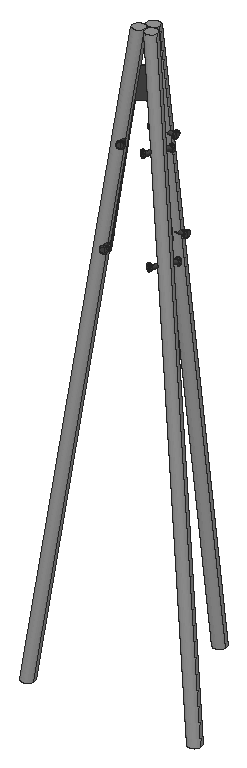
Revit family "Artek-Complements-Kiila_Coat_Stand", category Furniture, Revit 2018
Family settings
  OmniClass Number = 23.40.20.11.21.24
  OmniClass Title = Coat Hangers and Rails
  Work Plane-Based = No
  Always vertical = Yes
  Cut with Voids When Loaded = No
  Shared = No
  Room Calculation Point = No
Parameters (values of type "Kiila Coat Stand Clear Lacquer/Black")
  WarrantyStartDate [instance] = "n/a"
  WarrantyGuarantorParts = "n/a"
  WarrantyGuarantorLabor = "n/a"
  WarrantyDurationUnit = "Years"
  WarrantyDurationParts = "n/a"
  WarrantyDurationLabor = "n/a"
  WarrantyDescription = "n/a"
  VersionDate = "22/10/2021"  # constant formula
  Version = "1"  # constant formula
  Uniclass2015Reference = "Pr_40_30_78_15"
  Uniclass2015Description = "Clothes hooks"
  Uniclass2 = "Pr_40_30_78_15"
  URL = "https://www.artek.fi/en/products/kiila-coat-stand"
  Type Comments = ""
  TagNumber [instance] = "n/a"
  SustainabilityPerformance = "n/a"
  Style = "n/a"
  Size = "540x480x1920 mm"
  Shape = "Sculptured"
  SerialNumber [instance] = "n/a"
  Revision = "n/a"
  ReplacementCost = "n/a"
  ProductInformation = "Kiila is a family of useful and versatile small furniture objects designed with hallways and entrances in mind. In homage to Alvar Aalto’s vision, the Norwegian designer Daniel Rybakken has created not a series of individual pieces, but a system of construction: hefty wooden legs connected by wedge-shaped metal joints, left purposefully visible. The name itself draws attention to the design: Kiila is Finnish for “wedge.” Secured with high-grade polyamide pins that double as hooks, the sturdy Kiila Coat Stand and Coat Rack can carry serious weight. Beautiful supporting elements for any interior, the Kiila pieces are built to last, a quality visually articulated in the strength of their legs and robustness of their parts."
  NominalWidth = 580 mm
  NominalHeight = 1920 mm
  NominalDepth = 480 mm
  Name = "Kiila_Coat_Stand"
  NBSReference = "45-35-72/322"
  NBSDescription = "Clothes hooks"
  ModelReference = "n/a"
  ModelNumber = "n/a"
  Material = "Wood metal and polyamide"
  ManufacturerURL = "https://www.artek.fi/en/"
  ManufacturerName = "Artek"
  Model = "Kiila Coat Stand Clear Lacquer/Black"
  Manufacturer = "Artek"
  MainColor = "Color"  # constant formula
  LegMaterial [instance] = Clear Lacquer
  InstallationDate [instance] = "n/a"
  IfcExportType = "HANGER"  # constant formula
  IfcExportAs = "IfcFurnitureType"  # constant formula
  Grade = "n/a"
  FinishMaterial [instance] = Powder coated black metal
  Finish = "n/a"
  Features = "Composed of three wood legs and the signature Kiila wedge, the Kiila Coat Stand is simple and sturdy. Inspired by the camera tripod on which designer Daniel Rybakken used to hang his coats, it has a low centre of gravity and can accommodate serious weight without tipping over. Like all pieces in the line, its construction has been made transparent: the wedge-shaped metal joint has been left purposely visible, a smooth powder-coated contrast to the solid ash legs. Robust yet elegant, the Coat Stand provides practical storage for jackets, bags, and other items, even in the smallest room."
  ExpectedLife = "Years"
  DurationUnit = "n/a"
  Designer = "Daniel Rybakken"
  Description = "Kiila is a family of useful and versatile small furniture objects designed with hallways and entrances in mind. In homage to Alvar Aalto’s vision, the Norwegian designer Daniel Rybakken has created not a series of individual pieces, but a system of construction: hefty wooden legs connected by wedge-shaped metal joints, left purposefully visible. The name itself draws attention to the design: Kiila is Finnish for “wedge.” Secured with high-grade polyamide pins that double as hooks, the sturdy Kiila Coat Stand and Coat Rack can carry serious weight. Beautiful supporting elements for any interior, the Kiila pieces are built to last, a quality visually articulated in the strength of their legs and robustness of their parts."
  Cost = 0
  Constituents = "n/a"
  Color = "White"
  CodePerformance = "n/a"
  Barcode [instance] = "n/a"
  AssetIdentifier [instance] = "n/a"
  Category = "Clothes hooks"
  Brand = "Artek"
  BIMObjectName = "Artek-Complements-Kiila_Coat_Stand"
  Author = "BIMStone"  # constant formula
  AssetType = "Movable"
  AccessibilityPerformance = "n/a"
Types (4, lengths in mm): name | Model | LegMaterial | FinishMaterial
  (no name) | "Kiila Coat Stand Clear Lacquer/Black" | Clear Lacquer | Powder coated black metal
  Kiila Coat Stand Clear Lacquer/Stone White | "Kiila Coat Stand Clear Lacquer/Stone White" | Clear Lacquer | Stone white powder coating
  Kiila Coat Stand Clear Lacquer/Black | "Kiila Coat Stand Clear Lacquer/Black" | Clear Lacquer | Powder coated black metal
  Kiila Coat Stand Black Lacquer/Black | "Kiila Coat Stand Black Lacquer/Black" | Black Lacquer | Powder coated black metal
Reference planes
  plane 1 "Center (Front/Back)": y = 0
  plane 2: z = 0
  plane 3 "Center (Left/Right)": x = 0
  plane 4: y = 240
  plane 5: x = -290
  plane 6: x = 290
  plane 7: y = -240
  plane 8: z = 1920
Dimensions and locks
  "NominalHeight": plane 8 to level
  equal spacing: plane 4, plane 1 "Center (Front/Back)", plane 7
  "NominalDepth": plane 4 to plane 7
  equal spacing: plane 5, plane 3 "Center (Left/Right)", plane 6
  "NominalWidth": plane 5 to plane 6
  aligned and locked: level to plane 2
Nested families
  nested 1: "kiila" at (0, 0, 0), material frame <- "FinishMaterial", material legs <- "LegMaterial", type "kiila"
    with material legs Clear Lacquer, material frame Powder coated black metal
Definition of nested family "kiila"
  Parameters (values of type "kiila")
    material legs [instance] = none
    material frame [instance] = none
  Reference planes
    plane 1 "Center (Front/Back)": y = 0
    plane 2: z = 0
    plane 3 "Center (Left/Right)": x = 0
    plane 4: x = -290
    plane 5: y = 240
    plane 6: y = -240
    plane 7: x = 290
    plane 8: z = 1920
    plane 9: x = 290
  Forms (mm)
    Blend 1, solid, material <- "material legs", detail levels medium+fine
      base sketch origin (0, 0, 0) x (1, 0, 0) y (0, 1, 0)
        loop
          circle (0, 220) r 20
      top sketch origin (0, 0, 0) x (1, 0, 0) y (0, 1, 0)
        loop
          circle (0, -48) r 19.5
      from 0 to 1920
    Blend 2, solid, material <- "material legs", detail levels medium+fine
      base sketch origin (0, 0, 0) x (1, 0, 0) y (0, 1, 0)
        loop
          circle (-270, -220) r 20
      top sketch origin (0, 0, 0) x (1, 0, 0) y (0, 1, 0)
        loop
          circle (-20, -82.7) r 19.5
      from 0 to 1920
    Blend 3, solid, material <- "material legs", detail levels medium+fine
      base sketch origin (0, 0, 0) x (1, 0, 0) y (0, 1, 0)
        loop
          circle (270, -220) r 20
      top sketch origin (0, 0, 0) x (1, 0, 0) y (0, 1, 0)
        loop
          circle (20, -82.7) r 19.6
      from 0 to 1920
    Extrusion 4, solid, material <- "material frame", detail levels medium+fine
      sketch origin (-538.474, 839.402, 114.319) x (0, 1, 0) y (0, 0, 1)
        loop
          line (-862.011, 1696.114) -> (-911.779, 1696.114) -> (-911.779, 1596.114) -> (-882.809, 1596.114)
          arc (-882.809, 1596.114) -> (-879.528, 1594.888) -> (-877.857, 1591.81) r 5
          line (-877.857, 1591.81) -> (-815.388, 1147.318) -> (-785.474, 1151.522) -> (-862.011, 1696.114)
      from 535.474 to 541.474
    Extrusion 5, solid, material <- "material frame", detail levels medium+fine
      sketch origin (-539.279, -982.685, 114.319) x (-0.876475, -0.481448, 0) y (0, 0, 1)
        loop
          line (-862.011, 1696.114) -> (-911.779, 1696.114) -> (-911.779, 1596.114) -> (-882.809, 1596.114)
          arc (-882.809, 1596.114) -> (-879.528, 1594.888) -> (-877.857, 1591.81) r 5
          line (-877.857, 1591.81) -> (-815.388, 1147.318) -> (-785.474, 1151.522) -> (-862.011, 1696.114)
      from 535.474 to 541.474
    Extrusion 6, solid, material <- "material frame", detail levels medium+fine
      sketch origin (539.279, -982.685, 114.319) x (0.876475, -0.481448, 0) y (0, 0, -1)
        loop
          line (-862.011, -1696.114) -> (-785.474, -1151.522) -> (-815.388, -1147.318) -> (-877.857, -1591.81)
          arc (-877.857, -1591.81) -> (-879.528, -1594.888) -> (-882.809, -1596.114) r 5
          line (-882.809, -1596.114) -> (-911.779, -1596.114) -> (-911.779, -1696.114) -> (-862.011, -1696.114)
      from 535.474 to 541.474
    Revolve 7, solid, material <- "material frame", detail levels medium+fine
      sketch origin (-118.923, 35, 279.963) x (1, 0, 0) y (0, 0, 1)
        loop
          line (82.723, 1008.469) -> (155.123, 1008.469) -> (161.623, 1008.469) -> (161.623, 1018.469)
          arc (161.623, 1018.469) -> (161.36, 1019.105) -> (160.723, 1019.369) r 0.9
          line (160.723, 1019.369) -> (157.523, 1019.369)
          arc (157.523, 1019.369) -> (156.94, 1019.208) -> (156.523, 1018.769) r 1.133
          line (156.523, 1018.769) -> (155.123, 1014.969) -> (82.723, 1014.969) -> (81.323, 1018.769)
          arc (81.323, 1018.769) -> (80.906, 1019.208) -> (80.323, 1019.369) r 1.133
          line (80.323, 1019.369) -> (77.123, 1019.369)
          arc (77.123, 1019.369) -> (76.487, 1019.105) -> (76.223, 1018.469) r 0.9
          line (76.223, 1018.469) -> (76.223, 1008.469) -> (82.723, 1008.469)
        axis (76.223, 1008.469) -> (161.623, 1008.469)
      angle from 0 to 360
    Revolve 8, solid, material <- "material frame", detail levels medium+fine
      sketch origin (-118.923, -7.5, 587.463) x (1, 0, 0) y (0, 0, 1)
        loop
          line (82.723, 1008.469) -> (155.123, 1008.469) -> (161.623, 1008.469) -> (161.623, 1018.469)
          arc (161.623, 1018.469) -> (161.36, 1019.105) -> (160.723, 1019.369) r 0.9
          line (160.723, 1019.369) -> (157.523, 1019.369)
          arc (157.523, 1019.369) -> (156.94, 1019.208) -> (156.523, 1018.769) r 1.133
          line (156.523, 1018.769) -> (155.123, 1014.969) -> (82.723, 1014.969) -> (81.323, 1018.769)
          arc (81.323, 1018.769) -> (80.906, 1019.208) -> (80.323, 1019.369) r 1.133
          line (80.323, 1019.369) -> (77.123, 1019.369)
          arc (77.123, 1019.369) -> (76.487, 1019.105) -> (76.223, 1018.469) r 0.9
          line (76.223, 1018.469) -> (76.223, 1008.469) -> (82.723, 1008.469)
        axis (76.223, 1008.469) -> (161.623, 1008.469)
      angle from 0 to 360
    Revolve 9, solid, material <- "material frame", detail levels medium+fine
      sketch origin (-35.633, -226.688, 279.963) x (-0.481448, 0.876475, 0) y (0, 0, 1)
        loop
          line (82.723, 1008.469) -> (155.123, 1008.469) -> (161.623, 1008.469) -> (161.623, 1018.469)
          arc (161.623, 1018.469) -> (161.36, 1019.105) -> (160.723, 1019.369) r 0.9
          line (160.723, 1019.369) -> (157.523, 1019.369)
          arc (157.523, 1019.369) -> (156.94, 1019.208) -> (156.523, 1018.769) r 1.133
          line (156.523, 1018.769) -> (155.123, 1014.969) -> (82.723, 1014.969) -> (81.323, 1018.769)
          arc (81.323, 1018.769) -> (80.906, 1019.208) -> (80.323, 1019.369) r 1.133
          line (80.323, 1019.369) -> (77.123, 1019.369)
          arc (77.123, 1019.369) -> (76.487, 1019.105) -> (76.223, 1018.469) r 0.9
          line (76.223, 1018.469) -> (76.223, 1008.469) -> (82.723, 1008.469)
        axis (76.223, 1008.469) -> (161.623, 1008.469)
      angle from 0 to 360
    Revolve 10, solid, material <- "material frame", detail levels medium+fine
      sketch origin (1.64, -206.214, 587.547) x (-0.481448, 0.876475, 0) y (0, 0, 1)
        loop
          line (82.723, 1008.469) -> (155.123, 1008.469) -> (161.623, 1008.469) -> (161.623, 1018.469)
          arc (161.623, 1018.469) -> (161.36, 1019.105) -> (160.723, 1019.369) r 0.9
          line (160.723, 1019.369) -> (157.523, 1019.369)
          arc (157.523, 1019.369) -> (156.94, 1019.208) -> (156.523, 1018.769) r 1.133
          line (156.523, 1018.769) -> (155.123, 1014.969) -> (82.723, 1014.969) -> (81.323, 1018.769)
          arc (81.323, 1018.769) -> (80.906, 1019.208) -> (80.323, 1019.369) r 1.133
          line (80.323, 1019.369) -> (77.123, 1019.369)
          arc (77.123, 1019.369) -> (76.487, 1019.105) -> (76.223, 1018.469) r 0.9
          line (76.223, 1018.469) -> (76.223, 1008.469) -> (82.723, 1008.469)
        axis (76.223, 1008.469) -> (161.623, 1008.469)
      angle from 0 to 360
    Revolve 11, solid, material <- "material frame", detail levels medium+fine
      sketch origin (35.633, -226.688, 279.963) x (0.481448, 0.876475, 0) y (0, 0, -1)
        loop
          line (82.723, -1008.469) -> (76.223, -1008.469) -> (76.223, -1018.469)
          arc (76.223, -1018.469) -> (76.487, -1019.105) -> (77.123, -1019.369) r 0.9
          line (77.123, -1019.369) -> (80.323, -1019.369)
          arc (80.323, -1019.369) -> (80.906, -1019.208) -> (81.323, -1018.769) r 1.133
          line (81.323, -1018.769) -> (82.723, -1014.969) -> (155.123, -1014.969) -> (156.523, -1018.769)
          arc (156.523, -1018.769) -> (156.94, -1019.208) -> (157.523, -1019.369) r 1.133
          line (157.523, -1019.369) -> (160.723, -1019.369)
          arc (160.723, -1019.369) -> (161.36, -1019.105) -> (161.623, -1018.469) r 0.9
          line (161.623, -1018.469) -> (161.623, -1008.469) -> (155.123, -1008.469) -> (82.723, -1008.469)
        axis (76.223, -1008.469) -> (161.623, -1008.469)
      angle from 0 to 360
    Revolve 12, solid, material <- "material frame", detail levels medium+fine
      sketch origin (-1.64, -206.214, 587.547) x (0.481448, 0.876475, 0) y (0, 0, -1)
        loop
          line (82.723, -1008.469) -> (76.223, -1008.469) -> (76.223, -1018.469)
          arc (76.223, -1018.469) -> (76.487, -1019.105) -> (77.123, -1019.369) r 0.9
          line (77.123, -1019.369) -> (80.323, -1019.369)
          arc (80.323, -1019.369) -> (80.906, -1019.208) -> (81.323, -1018.769) r 1.133
          line (81.323, -1018.769) -> (82.723, -1014.969) -> (155.123, -1014.969) -> (156.523, -1018.769)
          arc (156.523, -1018.769) -> (156.94, -1019.208) -> (157.523, -1019.369) r 1.133
          line (157.523, -1019.369) -> (160.723, -1019.369)
          arc (160.723, -1019.369) -> (161.36, -1019.105) -> (161.623, -1018.469) r 0.9
          line (161.623, -1018.469) -> (161.623, -1008.469) -> (155.123, -1008.469) -> (82.723, -1008.469)
        axis (76.223, -1008.469) -> (161.623, -1008.469)
      angle from 0 to 360
    Extrusion 13, solid, material <- "material legs", detail levels coarse
      sketch origin (0, 0, 0) x (0, 1, 0) y (0, 0, 1)
        loop
          line (-240, 1920) -> (-240, 0) -> (240, 0) -> (240, 1920) -> (-240, 1920)
      from -290 to 290
  Cuts and joins
    joined: Blend 1, Blend 2, Blend 3
    joined: Extrusion 4, Extrusion 5, Extrusion 6, Revolve 7, Revolve 8, Revolve 9, Revolve 10
  Lines and regions (mm)
    symbolic lines, detail levels fine
      curve 1: arc (19.5, -48, 0) -> (0, -28.5, 0) -> (-19.5, -48, 0) r 19.5
      curve 6: line (-36.2, 41.5, 0) -> (-36.2, 28.5, 0)
      curve 9: line (-37.6, 45.3, 0) -> (-37.6, 24.7, 0)
      curve 19: line (-36.2, -1, 0) -> (-36.2, -14, 0)
      curve 22: line (-37.6, 2.8, 0) -> (-37.6, -17.8, 0)
      curve 32: line (36.2, 41.5, 0) -> (36.2, 28.5, 0)
      curve 35: line (37.6, 45.3, 0) -> (37.6, 24.7, 0)
      curve 45: line (36.2, -1, 0) -> (36.2, -14, 0)
      curve 48: line (37.6, 2.8, 0) -> (37.6, -17.8, 0)
      curve 58: arc (-29.479, -65.445, 0) -> (-37.182, -91.924, 0) -> (-10.703, -99.627, 0) r 19.5
      curve 63: line (-81.107, -157.354, 0) -> (-69.713, -151.095, 0)
      curve 66: line (-83.764, -160.41, 0) -> (-65.709, -150.492, 0)
      curve 76: line (-43.857, -136.892, 0) -> (-32.463, -130.633, 0)
      curve 79: line (-46.514, -139.949, 0) -> (-28.458, -130.031, 0)
      curve 89: line (-115.964, -93.897, 0) -> (-104.57, -87.638, 0)
      curve 92: line (-119.969, -94.499, 0) -> (-101.913, -84.582, 0)
      curve 102: line (-78.714, -73.435, 0) -> (-67.32, -67.177, 0)
      curve 105: line (-82.719, -74.038, 0) -> (-64.663, -64.12, 0)
      curve 115: arc (29.479, -65.445, 0) -> (37.182, -91.924, 0) -> (10.703, -99.627, 0) r 19.5
      curve 120: line (81.107, -157.354, 0) -> (69.713, -151.095, 0)
      curve 123: line (83.764, -160.41, 0) -> (65.709, -150.492, 0)
      curve 133: line (43.857, -136.892, 0) -> (32.463, -130.633, 0)
      curve 136: line (46.514, -139.949, 0) -> (28.458, -130.031, 0)
      curve 146: line (115.964, -93.897, 0) -> (104.57, -87.638, 0)
      curve 149: line (119.969, -94.499, 0) -> (101.913, -84.582, 0)
      curve 159: line (78.714, -73.435, 0) -> (67.32, -67.177, 0)
      curve 162: line (82.719, -74.038, 0) -> (64.663, -64.12, 0)
      curve 178: arc (-3, -67.268, 0) -> (0, -67.5, 0) -> (3, -67.268, 0) r 19.5
      curve 181: arc (1.585, -76.389, 0) -> (2.745, -73.628, 0) -> (4.312, -71.078, 0) r 19.5
      curve 182: arc (-1.585, -76.389, 0) -> (-2.752, -73.614, 0) -> (-4.332, -71.052, 0) r 19.5
      curve 185: line (-19.588, -1, 0) -> (-19.563, -14, 0)
      curve 186: line (-19.667, 41.5, 0) -> (-19.643, 28.5, 0)
      curve 188: line (19.667, 41.5, 0) -> (19.643, 28.5, 0)
      curve 190: line (19.588, -1, 0) -> (19.563, -14, 0)
      curve 193: line (70.621, -88.169, 0) -> (59.215, -81.932, 0)
      curve 195: line (107.909, -108.561, 0) -> (96.503, -102.324, 0)
      curve 196: line (89.003, -142.98, 0) -> (77.62, -136.7, 0)
      curve 198: line (51.791, -122.449, 0) -> (40.408, -116.169, 0)
      curve 201: line (-70.621, -88.169, 0) -> (-59.215, -81.932, 0)
      curve 202: line (-51.844, -122.351, 0) -> (-40.465, -116.066, 0)
      curve 205: line (-107.909, -108.561, 0) -> (-96.503, -102.324, 0)
      curve 206: line (-89.047, -142.9, 0) -> (-77.667, -136.614, 0)
      curve 213: line (0, 0, 1710.433) -> (-23.322, 0, 1710.433)
      curve 214: arc (-23.322, 0, 1710.433) -> (-26.666, 0, 1709.158) -> (-28.312, 0, 1705.979) r 5.022
      curve 217: line (0, 0, 1261.637) -> (-3, 0, 1261.637)
      curve 218: line (-3, 0, 1261.637) -> (-3, 0, 1710.433)
      curve 219: line (-20, 0, 1602.488) -> (-27.621, 0, 1602.488)
      curve 221: arc (-41.364, 0, 1605.536) -> (-46.97, 0, 1597.412) -> (-43.626, 0, 1588.125) r 10.795
      curve 222: line (-47.023, 0, 1602.52) -> (-44.884, 0, 1602.52)
      curve 223: line (-47.468, 0, 1589.531) -> (-44.891, 0, 1589.531)
      curve 224: arc (-47.468, 0, 1589.531) -> (-53.522, 0, 1596.241) -> (-47.023, 0, 1602.52) r 6.502
      curve 226: arc (-82.197, 0, 1592.74) -> (-82.644, 0, 1597.429) -> (-81.009, 0, 1601.846) r 10.571
      curve 229: line (-82.097, 0, 1295.09) -> (-85.006, 0, 1295.09)
      curve 231: arc (-85.006, 0, 1295.09) -> (-91.558, 0, 1288.538) -> (-85.006, 0, 1281.987) r 6.551
      curve 234: line (-36.2, 0, 1281.932) -> (-36.2, 0, 1294.932)
      curve 235: line (-37.6, 0, 1278.132) -> (-37.6, 0, 1298.732)
      curve 245: line (-41.364, 0, 1605.536) -> (-14.738, 0, 1810.433)
      curve 247: line (-80.53, 0, 1605.52) -> (-81.009, 0, 1601.846)
      curve 248: line (-81.009, 0, 1601.846) -> (-82.197, 0, 1592.74)
      curve 249: line (-82.197, 0, 1592.74) -> (-82.742, 0, 1588.562)
      curve 256: line (0, 0, 1710.433) -> (23.322, 0, 1710.433)
      curve 257: arc (23.322, 0, 1710.433) -> (26.666, 0, 1709.158) -> (28.312, 0, 1705.979) r 5.022
      curve 260: line (0, 0, 1261.637) -> (3, 0, 1261.637)
      curve 261: line (3, 0, 1261.637) -> (3, 0, 1710.433)
      curve 262: line (20, 0, 1602.488) -> (27.621, 0, 1602.488)
      curve 264: arc (41.364, 0, 1605.536) -> (46.97, 0, 1597.412) -> (43.626, 0, 1588.125) r 10.795
      curve 265: line (47.023, 0, 1602.52) -> (44.884, 0, 1602.52)
      curve 266: line (47.468, 0, 1589.531) -> (44.891, 0, 1589.531)
      curve 267: arc (47.468, 0, 1589.531) -> (53.522, 0, 1596.241) -> (47.023, 0, 1602.52) r 6.502
      curve 269: arc (82.197, 0, 1592.74) -> (82.644, 0, 1597.429) -> (81.009, 0, 1601.846) r 10.571
      curve 271: arc (81.636, 0, 1295.628) -> (84.447, 0, 1288.942) -> (82.393, 0, 1281.987) r 10.795
      curve 272: line (82.097, 0, 1295.09) -> (85.006, 0, 1295.09)
      curve 274: arc (85.006, 0, 1295.09) -> (91.558, 0, 1288.538) -> (85.006, 0, 1281.987) r 6.551
      curve 277: line (36.2, 0, 1281.932) -> (36.2, 0, 1294.932)
      curve 278: line (37.6, 0, 1278.132) -> (37.6, 0, 1298.732)
      curve 288: line (41.364, 0, 1605.536) -> (14.738, 0, 1810.433)
      curve 290: line (80.53, 0, 1605.52) -> (81.009, 0, 1601.846)
      curve 291: line (81.009, 0, 1601.846) -> (82.197, 0, 1592.74)
      curve 292: line (82.197, 0, 1592.74) -> (82.742, 0, 1588.562)
      curve 295: line (-83.408, 0, 1281.987) -> (-85.006, 0, 1281.987)
      curve 296: arc (-81.636, 0, 1295.628) -> (-81.871, 0, 1295.363) -> (-82.097, 0, 1295.09) r 10.795
      curve 297: arc (-82.097, 0, 1295.09) -> (-84.459, 0, 1288.662) -> (-82.48, 0, 1282.107) r 10.795
      curve 299: line (-20, 0, 1281.932) -> (-20, 0, 1294.932)
      curve 301: line (83.408, 0, 1281.987) -> (85.006, 0, 1281.987)
      curve 302: line (121.164, 0, 1294.07) -> (122.283, 0, 1285.495)
      curve 304: line (-121.164, 0, 1294.07) -> (-122.283, 0, 1285.495)
      curve 308: arc (-27.715, 0, 1589.43) -> (-28.029, 0, 1603) -> (-41.364, 0, 1605.536) r 10.795
      curve 309: line (-20, 0, 1589.43) -> (-20, 0, 1710.433)
      curve 310: line (20, 0, 1589.43) -> (20, 0, 1710.433)
      curve 311: arc (27.715, 0, 1589.43) -> (28.029, 0, 1603) -> (41.364, 0, 1605.536) r 10.795
      curve 314: line (20, 0, 1281.932) -> (20, 0, 1294.932)
      curve 321: line (0, -70.32, 1710.433) -> (0, -70.32, 1810.433)
      curve 322: line (0, -70.32, 1810.433) -> (0, -52.282, 1810.433)
      curve 323: line (0, -52.282, 1810.433) -> (0, -64.659, 1899.513)
      curve 324: line (0, -38.455, 1706.129) -> (0, -52.282, 1810.433)
      curve 325: line (0, -71.004, 1810.433) -> (0, -63.2, 1920)
      curve 327: line (0, -71.004, 1810.433) -> (0, -78.13, 1710.433)
      curve 331: circle (0, -7.456, 1595.875) r 11 normal (1, 0, 0)
      curve 332: circle (0, 35.153, 1288.368) r 11 normal (1, 0, 0)
      curve 333: line (0, -133.709, 1602.517) -> (0, -131.089, 1602.517)
      curve 334: line (0, -133.709, 1589.517) -> (0, -131.089, 1589.517)
      curve 335: arc (0, -72.775, 1602.517) -> (0, -73.956, 1596.017) -> (0, -72.775, 1589.517) r 18.475
      curve 345: spline (0, -133.709, 1602.517) -> (0, -134.519, 1602.295) -> (0, -135.273, 1601.646) -> (0, -135.921, 1600.613) -> (0, -136.419, 1599.267) -> (0, -136.731, 1597.699) -> (0, -136.838, 1596.017) -> (0, -136.731, 1594.334) -> (0, -136.419, 1592.767) -> (0, -135.921, 1591.42) -> (0, -135.273, 1590.387) -> (0, -134.519, 1589.738) -> (0, -133.709, 1589.517)
      curve 361: line (0, -154.062, 1294.952) -> (0, -151.443, 1294.952)
      curve 362: line (0, -154.062, 1281.952) -> (0, -151.443, 1281.952)
      curve 363: arc (0, -93.129, 1294.952) -> (0, -94.31, 1288.452) -> (0, -93.129, 1281.952) r 18.475
      curve 373: spline (0, -154.062, 1294.952) -> (0, -154.872, 1294.73) -> (0, -155.627, 1294.081) -> (0, -156.275, 1293.048) -> (0, -156.772, 1291.702) -> (0, -157.085, 1290.134) -> (0, -157.192, 1288.452) -> (0, -157.085, 1286.769) -> (0, -156.772, 1285.202) -> (0, -156.275, 1283.855) -> (0, -155.627, 1282.822) -> (0, -154.872, 1282.173) -> (0, -154.062, 1281.952)
      curve 388: line (0, -107.733, 1294.952) -> (0, -108.659, 1281.952)
      curve 391: line (0, -148.06, 1281.952) -> (0, -147.128, 1294.952)
      curve 393: line (0, -85.819, 1602.517) -> (0, -86.745, 1589.517)
      curve 394: line (0, -125.07, 1602.517) -> (0, -126.002, 1589.517)
      curve 398: spline (0, -152.159, 1296.44) -> (0, -153.869, 1298.32) -> (0, -155.796, 1298.698) -> (0, -157.645, 1297.515) -> (0, -159.136, 1294.953) -> (0, -160.041, 1291.401) -> (0, -160.222, 1287.399) -> (0, -159.653, 1283.558) -> (0, -158.419, 1280.462) -> (0, -156.709, 1278.583) -> (0, -154.782, 1278.206) -> (0, -152.933, 1279.389) -> (0, -151.443, 1281.952)
      curve 400: spline (0, -131.787, 1603.974) -> (0, -133.495, 1605.872) -> (0, -135.423, 1606.267) -> (0, -137.276, 1605.097) -> (0, -138.772, 1602.543) -> (0, -139.683, 1598.993) -> (0, -139.87, 1594.988) -> (0, -139.304, 1591.141) -> (0, -138.071, 1588.037) -> (0, -136.361, 1586.151) -> (0, -134.433, 1585.77) -> (0, -132.581, 1586.952) -> (0, -131.089, 1589.517)
    symbolic lines, detail levels medium+fine
      curve 2: arc (-19.5, -48, 0) -> (-14.811, -60.684, 0) -> (-3, -67.268, 0) r 19.5
      curve 3: arc (-20, 220, 0) -> (0, 240, 0) -> (20, 220, 0) r 20
      curve 4: line (-20, 220, 0) -> (-19.667, 41.5, 0)
      curve 5: line (20, 220, 0) -> (19.667, 41.5, 0)
      curve 7: line (-36.2, 28.5, 0) -> (-19.643, 28.5, 0)
      curve 8: line (-36.2, 41.5, 0) -> (-19.667, 41.5, 0)
      curve 10: line (-36.2, 41.5, 0) -> (-37.6, 45.3, 0)
      curve 11: line (-36.2, 28.5, 0) -> (-37.6, 24.7, 0)
      curve 12: line (-41.895, 45.901, 0) -> (-38.573, 45.901, 0)
      curve 13: arc (-38.573, 45.901, 0) -> (-38.001, 45.739, 0) -> (-37.6, 45.3, 0) r 1.088
      curve 14: line (-42.696, 44.97, 0) -> (-42.696, 25.03, 0)
      curve 15: arc (-42.696, 44.97, 0) -> (-42.509, 45.619, 0) -> (-41.895, 45.901, 0) r 0.81
      curve 16: line (-41.895, 24.099, 0) -> (-38.573, 24.099, 0)
      curve 17: arc (-38.573, 24.099, 0) -> (-38.001, 24.261, 0) -> (-37.6, 24.7, 0) r 1.088
      curve 18: arc (-42.696, 25.03, 0) -> (-42.509, 24.381, 0) -> (-41.895, 24.099, 0) r 0.81
      curve 20: line (-36.2, -14, 0) -> (-19.563, -14, 0)
      curve 21: line (-36.2, -1, 0) -> (-19.588, -1, 0)
      curve 23: line (-36.2, -1, 0) -> (-37.6, 2.8, 0)
      curve 24: line (-36.2, -14, 0) -> (-37.6, -17.8, 0)
      curve 25: line (-41.895, 3.401, 0) -> (-38.573, 3.401, 0)
      curve 26: arc (-38.573, 3.401, 0) -> (-38.001, 3.239, 0) -> (-37.6, 2.8, 0) r 1.088
      curve 27: line (-42.696, 2.47, 0) -> (-42.696, -17.47, 0)
      curve 28: arc (-42.696, 2.47, 0) -> (-42.509, 3.119, 0) -> (-41.895, 3.401, 0) r 0.81
      curve 29: line (-41.895, -18.401, 0) -> (-38.573, -18.401, 0)
      curve 30: arc (-38.573, -18.401, 0) -> (-38.001, -18.239, 0) -> (-37.6, -17.8, 0) r 1.088
      curve 31: arc (-42.696, -17.47, 0) -> (-42.509, -18.119, 0) -> (-41.895, -18.401, 0) r 0.81
      curve 33: line (36.2, 28.5, 0) -> (19.643, 28.5, 0)
      curve 34: line (36.2, 41.5, 0) -> (19.667, 41.5, 0)
      curve 36: line (36.2, 41.5, 0) -> (37.6, 45.3, 0)
      curve 37: line (36.2, 28.5, 0) -> (37.6, 24.7, 0)
      curve 38: line (41.895, 45.901, 0) -> (38.573, 45.901, 0)
      curve 39: arc (38.573, 45.901, 0) -> (38.001, 45.739, 0) -> (37.6, 45.3, 0) r 1.088
      curve 40: line (42.696, 44.97, 0) -> (42.696, 25.03, 0)
      curve 41: arc (42.696, 44.97, 0) -> (42.509, 45.619, 0) -> (41.895, 45.901, 0) r 0.81
      curve 42: line (41.895, 24.099, 0) -> (38.573, 24.099, 0)
      curve 43: arc (38.573, 24.099, 0) -> (38.001, 24.261, 0) -> (37.6, 24.7, 0) r 1.088
      curve 44: arc (42.696, 25.03, 0) -> (42.509, 24.381, 0) -> (41.895, 24.099, 0) r 0.81
      curve 46: line (36.2, -14, 0) -> (19.563, -14, 0)
      curve 47: line (36.2, -1, 0) -> (19.588, -1, 0)
      curve 49: line (36.2, -1, 0) -> (37.6, 2.8, 0)
      curve 50: line (36.2, -14, 0) -> (37.6, -17.8, 0)
      curve 51: line (41.895, 3.401, 0) -> (38.573, 3.401, 0)
      curve 52: arc (38.573, 3.401, 0) -> (38.001, 3.239, 0) -> (37.6, 2.8, 0) r 1.088
      curve 53: line (42.696, 2.47, 0) -> (42.696, -17.47, 0)
      curve 54: arc (42.696, 2.47, 0) -> (42.509, 3.119, 0) -> (41.895, 3.401, 0) r 0.81
      curve 55: line (41.895, -18.401, 0) -> (38.573, -18.401, 0)
      curve 56: arc (38.573, -18.401, 0) -> (38.001, -18.239, 0) -> (37.6, -17.8, 0) r 1.088
      curve 57: arc (42.696, -17.47, 0) -> (42.509, -18.119, 0) -> (41.895, -18.401, 0) r 0.81
      curve 59: arc (-10.703, -99.627, 0) -> (-1.938, -89.658, 0) -> (-1.585, -76.389, 0) r 19.5
      curve 60: arc (-260.371, -237.529, 0) -> (-287.529, -229.629, 0) -> (-279.629, -202.471, 0) r 20
      curve 61: line (-260.371, -237.529, 0) -> (-89.047, -142.9, 0)
      curve 62: line (-279.629, -202.471, 0) -> (-107.909, -108.561, 0)
      curve 64: line (-69.713, -151.095, 0) -> (-77.667, -136.614, 0)
      curve 65: line (-81.107, -157.354, 0) -> (-89.047, -142.9, 0)
      curve 67: line (-81.107, -157.354, 0) -> (-83.764, -160.41, 0)
      curve 68: line (-69.713, -151.095, 0) -> (-65.709, -150.492, 0)
      curve 69: line (-82.223, -164.464, 0) -> (-83.822, -161.552, 0)
      curve 70: arc (-83.822, -161.552, 0) -> (-83.955, -160.973, 0) -> (-83.764, -160.41, 0) r 1.088
      curve 71: line (-81.021, -164.717, 0) -> (-63.545, -155.118, 0)
      curve 72: arc (-81.021, -164.717, 0) -> (-81.68, -164.867, 0) -> (-82.223, -164.464, 0) r 0.81
      curve 73: line (-63.114, -153.968, 0) -> (-64.713, -151.056, 0)
      curve 74: arc (-64.713, -151.056, 0) -> (-65.131, -150.633, 0) -> (-65.709, -150.492, 0) r 1.088
      curve 75: arc (-63.545, -155.118, 0) -> (-63.065, -154.642, 0) -> (-63.114, -153.968, 0) r 0.81
      curve 77: line (-32.463, -130.633, 0) -> (-40.465, -116.066, 0)
      curve 78: line (-43.857, -136.892, 0) -> (-51.844, -122.351, 0)
      curve 80: line (-43.857, -136.892, 0) -> (-46.514, -139.949, 0)
      curve 81: line (-32.463, -130.633, 0) -> (-28.458, -130.031, 0)
      curve 82: line (-44.973, -144.003, 0) -> (-46.572, -141.091, 0)
      curve 83: arc (-46.572, -141.091, 0) -> (-46.705, -140.511, 0) -> (-46.514, -139.949, 0) r 1.088
      curve 84: line (-43.771, -144.256, 0) -> (-26.295, -134.656, 0)
      curve 85: arc (-43.771, -144.256, 0) -> (-44.43, -144.405, 0) -> (-44.973, -144.003, 0) r 0.81
      curve 86: line (-25.864, -133.506, 0) -> (-27.463, -130.594, 0)
      curve 87: arc (-27.463, -130.594, 0) -> (-27.881, -130.171, 0) -> (-28.458, -130.031, 0) r 1.088
      curve 88: arc (-26.295, -134.656, 0) -> (-25.815, -134.18, 0) -> (-25.864, -133.506, 0) r 0.81
      curve 90: line (-104.57, -87.638, 0) -> (-96.503, -102.324, 0)
      curve 91: line (-115.964, -93.897, 0) -> (-107.909, -108.561, 0)
      curve 93: line (-115.964, -93.897, 0) -> (-119.969, -94.499, 0)
      curve 94: line (-104.57, -87.638, 0) -> (-101.913, -84.582, 0)
      curve 95: line (-122.563, -91.024, 0) -> (-120.964, -93.936, 0)
      curve 96: arc (-120.964, -93.936, 0) -> (-120.546, -94.359, 0) -> (-119.969, -94.499, 0) r 1.088
      curve 97: line (-122.133, -89.874, 0) -> (-104.656, -80.274, 0)
      curve 98: arc (-122.133, -89.874, 0) -> (-122.612, -90.35, 0) -> (-122.563, -91.024, 0) r 0.81
      curve 99: line (-103.454, -80.528, 0) -> (-101.855, -83.44, 0)
      curve 100: arc (-101.855, -83.44, 0) -> (-101.722, -84.019, 0) -> (-101.913, -84.582, 0) r 1.088
      curve 101: arc (-104.656, -80.274, 0) -> (-103.997, -80.125, 0) -> (-103.454, -80.528, 0) r 0.81
      curve 103: line (-67.32, -67.177, 0) -> (-59.215, -81.932, 0)
      curve 104: line (-78.714, -73.435, 0) -> (-70.621, -88.169, 0)
      curve 106: line (-78.714, -73.435, 0) -> (-82.719, -74.038, 0)
      curve 107: line (-67.32, -67.177, 0) -> (-64.663, -64.12, 0)
      curve 108: line (-85.313, -70.563, 0) -> (-83.714, -73.475, 0)
      curve 109: arc (-83.714, -73.475, 0) -> (-83.296, -73.898, 0) -> (-82.719, -74.038, 0) r 1.088
      curve 110: line (-84.882, -69.413, 0) -> (-67.406, -59.813, 0)
      curve 111: arc (-84.882, -69.413, 0) -> (-85.362, -69.889, 0) -> (-85.313, -70.563, 0) r 0.81
      curve 112: line (-66.204, -60.066, 0) -> (-64.605, -62.978, 0)
      curve 113: arc (-64.605, -62.978, 0) -> (-64.472, -63.557, 0) -> (-64.663, -64.12, 0) r 1.088
      curve 114: arc (-67.406, -59.813, 0) -> (-66.747, -59.664, 0) -> (-66.204, -60.066, 0) r 0.81
      curve 116: arc (10.703, -99.627, 0) -> (1.938, -89.658, 0) -> (1.585, -76.389, 0) r 19.5
      curve 117: arc (260.371, -237.529, 0) -> (287.529, -229.629, 0) -> (279.629, -202.471, 0) r 20
      curve 118: line (260.371, -237.529, 0) -> (89.003, -142.98, 0)
      curve 119: line (279.629, -202.471, 0) -> (107.909, -108.561, 0)
      curve 121: line (69.713, -151.095, 0) -> (77.62, -136.7, 0)
      curve 122: line (81.107, -157.354, 0) -> (89.003, -142.98, 0)
      curve 124: line (81.107, -157.354, 0) -> (83.764, -160.41, 0)
      curve 125: line (69.713, -151.095, 0) -> (65.709, -150.492, 0)
      curve 126: line (82.223, -164.464, 0) -> (83.822, -161.552, 0)
      curve 127: arc (83.822, -161.552, 0) -> (83.955, -160.973, 0) -> (83.764, -160.41, 0) r 1.088
      curve 128: line (81.021, -164.717, 0) -> (63.545, -155.118, 0)
      curve 129: arc (81.021, -164.717, 0) -> (81.68, -164.867, 0) -> (82.223, -164.464, 0) r 0.81
      curve 130: line (63.114, -153.968, 0) -> (64.713, -151.056, 0)
      curve 131: arc (64.713, -151.056, 0) -> (65.131, -150.633, 0) -> (65.709, -150.492, 0) r 1.088
      curve 132: arc (63.545, -155.118, 0) -> (63.065, -154.642, 0) -> (63.114, -153.968, 0) r 0.81
      curve 134: line (32.463, -130.633, 0) -> (40.408, -116.169, 0)
      curve 135: line (43.857, -136.892, 0) -> (51.791, -122.449, 0)
      curve 137: line (43.857, -136.892, 0) -> (46.514, -139.949, 0)
      curve 138: line (32.463, -130.633, 0) -> (28.458, -130.031, 0)
      curve 139: line (44.973, -144.003, 0) -> (46.572, -141.091, 0)
      curve 140: arc (46.572, -141.091, 0) -> (46.705, -140.511, 0) -> (46.514, -139.949, 0) r 1.088
      curve 141: line (43.771, -144.256, 0) -> (26.295, -134.656, 0)
      curve 142: arc (43.771, -144.256, 0) -> (44.43, -144.405, 0) -> (44.973, -144.003, 0) r 0.81
      curve 143: line (25.864, -133.506, 0) -> (27.463, -130.594, 0)
      curve 144: arc (27.463, -130.594, 0) -> (27.881, -130.171, 0) -> (28.458, -130.031, 0) r 1.088
      curve 145: arc (26.295, -134.656, 0) -> (25.815, -134.18, 0) -> (25.864, -133.506, 0) r 0.81
      curve 147: line (104.57, -87.638, 0) -> (96.503, -102.324, 0)
      curve 148: line (115.964, -93.897, 0) -> (107.909, -108.561, 0)
      curve 150: line (115.964, -93.897, 0) -> (119.969, -94.499, 0)
      curve 151: line (104.57, -87.638, 0) -> (101.913, -84.582, 0)
      curve 152: line (122.563, -91.024, 0) -> (120.964, -93.936, 0)
      curve 153: arc (120.964, -93.936, 0) -> (120.546, -94.359, 0) -> (119.969, -94.499, 0) r 1.088
      curve 154: line (122.133, -89.874, 0) -> (104.656, -80.274, 0)
      curve 155: arc (122.133, -89.874, 0) -> (122.612, -90.35, 0) -> (122.563, -91.024, 0) r 0.81
      curve 156: line (103.454, -80.528, 0) -> (101.855, -83.44, 0)
      curve 157: arc (101.855, -83.44, 0) -> (101.722, -84.019, 0) -> (101.913, -84.582, 0) r 1.088
      curve 158: arc (104.656, -80.274, 0) -> (103.997, -80.125, 0) -> (103.454, -80.528, 0) r 0.81
      curve 160: line (67.32, -67.177, 0) -> (59.215, -81.932, 0)
      curve 161: line (78.714, -73.435, 0) -> (70.621, -88.169, 0)
      curve 163: line (78.714, -73.435, 0) -> (82.719, -74.038, 0)
      curve 164: line (67.32, -67.177, 0) -> (64.663, -64.12, 0)
      curve 165: line (85.313, -70.563, 0) -> (83.714, -73.475, 0)
      curve 166: arc (83.714, -73.475, 0) -> (83.296, -73.898, 0) -> (82.719, -74.038, 0) r 1.088
      curve 167: line (84.882, -69.413, 0) -> (67.406, -59.813, 0)
      curve 168: arc (84.882, -69.413, 0) -> (85.362, -69.889, 0) -> (85.313, -70.563, 0) r 0.81
      curve 169: line (66.204, -60.066, 0) -> (64.605, -62.978, 0)
      curve 170: arc (64.605, -62.978, 0) -> (64.472, -63.557, 0) -> (64.663, -64.12, 0) r 1.088
      curve 171: arc (67.406, -59.813, 0) -> (66.747, -59.664, 0) -> (66.204, -60.066, 0) r 0.81
      curve 172: line (-3, -70.32, 0) -> (-4.332, -71.052, 0)
      curve 173: line (-3, -70.32, 0) -> (-3, -67.268, 0)
      curve 174: line (0, -75.518, 0) -> (-1.585, -76.389, 0)
      curve 175: line (0, -75.518, 0) -> (1.585, -76.389, 0)
      curve 176: line (3, -67.268, 0) -> (3, -70.32, 0)
      curve 177: line (3, -70.32, 0) -> (4.312, -71.078, 0)
      curve 179: arc (3, -67.268, 0) -> (14.811, -60.684, 0) -> (19.5, -48, 0) r 19.5
      curve 180: arc (4.312, -71.078, 0) -> (15.832, -63.507, 0) -> (29.479, -65.445, 0) r 19.5
      curve 183: arc (-4.332, -71.052, 0) -> (-15.848, -63.503, 0) -> (-29.479, -65.445, 0) r 19.5
      curve 184: line (-19.563, -14, 0) -> (-19.5, -48, 0)
      curve 187: line (-19.643, 28.5, 0) -> (-19.588, -1, 0)
      curve 189: line (19.643, 28.5, 0) -> (19.588, -1, 0)
      curve 191: line (19.563, -14, 0) -> (19.5, -48, 0)
      curve 192: line (59.215, -81.932, 0) -> (31.785, -66.931, 0)
      curve 194: line (96.503, -102.324, 0) -> (70.621, -88.169, 0)
      curve 197: line (77.62, -136.7, 0) -> (51.791, -122.449, 0)
      curve 199: line (40.408, -116.169, 0) -> (10.604, -99.572, 0)
      curve 200: line (-59.215, -81.932, 0) -> (-29.547, -65.482, 0)
      curve 203: line (-40.465, -116.066, 0) -> (-10.663, -99.605, 0)
      curve 204: line (-96.503, -102.324, 0) -> (-70.621, -88.169, 0)
      curve 207: line (-77.667, -136.614, 0) -> (-51.844, -122.351, 0)
      curve 208: line (-0.5, 0, 1920) -> (-39.5, 0, 1920)
      curve 209: line (-39.5, 0, 1920) -> (-80.53, 0, 1605.52)
      curve 210: line (-290, 0, 0) -> (-250, 0, 0)
      curve 211: line (-250, 0, 0) -> (-83.408, 0, 1281.987)
      curve 212: line (0, 0, 1810.433) -> (-14.738, 0, 1810.433)
      curve 215: line (0, 0, 0) -> (-20, 0, 0)
      curve 216: line (-20, 0, 0) -> (-20, 0, 1281.932)
      curve 220: line (-20, 0, 1589.43) -> (-27.715, 0, 1589.43)
      curve 225: arc (-80.53, 0, 1605.52) -> (-85.283, 0, 1597.517) -> (-82.742, 0, 1588.562) r 11.779
      curve 227: arc (-122.283, 0, 1285.495) -> (-122.603, 0, 1289.897) -> (-121.164, 0, 1294.07) r 10.992
      curve 228: arc (-82.48, 0, 1282.107) -> (-62.894, 0, 1287.672) -> (-81.636, 0, 1295.628) r 10.795
      curve 230: line (-82.393, 0, 1281.987) -> (-83.408, 0, 1281.987)
      curve 232: line (-36.2, 0, 1294.932) -> (-20, 0, 1294.932)
      curve 233: line (-36.2, 0, 1281.932) -> (-20, 0, 1281.932)
      curve 236: line (-36.2, 0, 1294.932) -> (-37.6, 0, 1298.732)
      curve 237: line (-36.2, 0, 1281.932) -> (-37.6, 0, 1278.132)
      curve 238: line (-42.718, 0, 1298.266) -> (-42.718, 0, 1278.598)
      curve 239: line (-41.923, 0, 1277.557) -> (-38.557, 0, 1277.557)
      curve 240: arc (-38.557, 0, 1277.557) -> (-37.999, 0, 1277.712) -> (-37.6, 0, 1278.132) r 1.084
      curve 241: arc (-42.718, 0, 1278.598) -> (-42.577, 0, 1277.881) -> (-41.923, 0, 1277.557) r 0.824
      curve 242: line (-41.923, 0, 1299.306) -> (-38.557, 0, 1299.306)
      curve 243: arc (-38.557, 0, 1299.306) -> (-37.999, 0, 1299.152) -> (-37.6, 0, 1298.732) r 1.084
      curve 244: arc (-42.718, 0, 1298.266) -> (-42.577, 0, 1298.983) -> (-41.923, 0, 1299.306) r 0.824
      curve 246: arc (-43.626, 0, 1588.125) -> (-35.382, 0, 1585.262) -> (-27.715, 0, 1589.43) r 10.795
      curve 250: line (-82.742, 0, 1588.562) -> (-121.164, 0, 1294.07)
      curve 251: line (0.5, 0, 1920) -> (39.5, 0, 1920)
      curve 252: line (39.5, 0, 1920) -> (80.53, 0, 1605.52)
      curve 253: line (290, 0, 0) -> (250, 0, 0)
      curve 254: line (250, 0, 0) -> (83.408, 0, 1281.987)
      curve 255: line (0, 0, 1810.433) -> (14.738, 0, 1810.433)
      curve 258: line (0, 0, 0) -> (20, 0, 0)
      curve 259: line (20, 0, 0) -> (20, 0, 1281.932)
      curve 263: line (20, 0, 1589.43) -> (27.715, 0, 1589.43)
      curve 268: arc (80.53, 0, 1605.52) -> (85.283, 0, 1597.517) -> (82.742, 0, 1588.562) r 11.779
      curve 270: arc (122.283, 0, 1285.495) -> (122.603, 0, 1289.897) -> (121.164, 0, 1294.07) r 10.992
      curve 273: line (82.393, 0, 1281.987) -> (83.408, 0, 1281.987)
      curve 275: line (36.2, 0, 1294.932) -> (20, 0, 1294.932)
      curve 276: line (36.2, 0, 1281.932) -> (20, 0, 1281.932)
      curve 279: line (36.2, 0, 1294.932) -> (37.6, 0, 1298.732)
      curve 280: line (36.2, 0, 1281.932) -> (37.6, 0, 1278.132)
      curve 281: line (42.718, 0, 1298.266) -> (42.718, 0, 1278.598)
      curve 282: line (41.923, 0, 1277.557) -> (38.557, 0, 1277.557)
      curve 283: arc (38.557, 0, 1277.557) -> (37.999, 0, 1277.712) -> (37.6, 0, 1278.132) r 1.084
      curve 284: arc (42.718, 0, 1278.598) -> (42.577, 0, 1277.881) -> (41.923, 0, 1277.557) r 0.824
      curve 285: line (41.923, 0, 1299.306) -> (38.557, 0, 1299.306)
      curve 286: arc (38.557, 0, 1299.306) -> (37.999, 0, 1299.152) -> (37.6, 0, 1298.732) r 1.084
      curve 287: arc (42.718, 0, 1298.266) -> (42.577, 0, 1298.983) -> (41.923, 0, 1299.306) r 0.824
      curve 289: arc (43.626, 0, 1588.125) -> (35.382, 0, 1585.262) -> (27.715, 0, 1589.43) r 10.795
      curve 293: line (82.742, 0, 1588.562) -> (121.164, 0, 1294.07)
      curve 294: line (-81.636, 0, 1295.628) -> (-43.626, 0, 1588.125)
      curve 298: line (-20, 0, 1294.932) -> (-20, 0, 1589.43)
      curve 300: line (81.636, 0, 1295.628) -> (43.626, 0, 1588.125)
      curve 303: line (122.283, 0, 1285.495) -> (290, 0, 0)
      curve 305: line (-122.283, 0, 1285.495) -> (-290, 0, 0)
      curve 306: line (-14.738, 0, 1810.433) -> (-0.5, 0, 1920)
      curve 307: line (14.738, 0, 1810.433) -> (0.5, 0, 1920)
      curve 312: arc (82.393, 0, 1281.987) -> (62.89, 0, 1287.745) -> (81.636, 0, 1295.628) r 10.795
      curve 313: line (20, 0, 1294.932) -> (20, 0, 1589.43)
      curve 315: line (0, -63.2, 1920) -> (0, -28.5, 1920)
      curve 316: line (0, -28.5, 1920) -> (0, 240, 0)
      curve 317: line (0, 240, 0) -> (0, 200, 0)
      curve 318: line (0, 200, 0) -> (0, -38.455, 1706.129)
      curve 319: arc (0, -38.455, 1706.129) -> (0, -40.126, 1709.208) -> (0, -43.407, 1710.433) r 4.996
      curve 320: line (0, -43.407, 1710.433) -> (0, -70.32, 1710.433)
      curve 326: line (0, -70.32, 1810.433) -> (0, -71.004, 1810.433)
      curve 328: line (0, -200, 0) -> (0, -240, 0)
      curve 329: line (0, -240, 0) -> (0, -148.06, 1281.952)
      curve 330: line (0, -102.3, 1920) -> (0, -63.2, 1920)
      curve 336: arc (0, -62.126, 1605.316) -> (0, -59.473, 1596.197) -> (0, -62.126, 1587.077) r 17.002
      curve 337: arc (0, -64.891, 1607.022) -> (0, -63.313, 1606.487) -> (0, -62.126, 1605.316) r 3.721
      curve 338: arc (0, -62.126, 1587.077) -> (0, -63.591, 1585.682) -> (0, -65.538, 1585.136) r 4.192
      curve 339: line (0, -65.538, 1585.136) -> (0, -68.362, 1585.136)
      curve 340: arc (0, -68.362, 1585.136) -> (0, -69.761, 1585.411) -> (0, -70.951, 1586.195) r 3.693
      curve 341: arc (0, -70.951, 1586.195) -> (0, -72.107, 1587.722) -> (0, -72.775, 1589.517) r 6.581
      curve 342: line (0, -64.891, 1607.022) -> (0, -68.163, 1607.022)
      curve 343: arc (0, -68.163, 1607.022) -> (0, -69.551, 1606.763) -> (0, -70.751, 1606.02) r 3.842
      curve 344: arc (0, -70.751, 1606.02) -> (0, -72.035, 1604.425) -> (0, -72.775, 1602.517) r 6.677
      curve 346: spline (0, -131.089, 1602.517) -> (0, -131.143, 1602.652) -> (0, -131.198, 1602.785) -> (0, -131.254, 1602.917) -> (0, -131.311, 1603.046) -> (0, -131.37, 1603.174) -> (0, -131.429, 1603.299) -> (0, -131.489, 1603.422) -> (0, -131.55, 1603.543) -> (0, -131.613, 1603.662) -> (0, -131.676, 1603.779) -> (0, -131.74, 1603.893) -> (0, -131.805, 1604.005)
      curve 347: arc (0, -135.581, 1606.902) -> (0, -133.311, 1605.951) -> (0, -131.805, 1604.005) r 4.829
      curve 348: line (0, -135.581, 1606.902) -> (0, -138.716, 1606.902)
      curve 349: arc (0, -138.716, 1606.902) -> (0, -140.14, 1606.596) -> (0, -141.312, 1605.729) r 3.46
      curve 350: arc (0, -141.312, 1605.729) -> (0, -142.85, 1603.465) -> (0, -143.776, 1600.889) r 10.922
      curve 351: arc (0, -143.776, 1600.889) -> (0, -144.231, 1594.611) -> (0, -142.847, 1588.471) r 21.479
      curve 352: arc (0, -142.847, 1588.471) -> (0, -141.845, 1586.802) -> (0, -140.337, 1585.569) r 5.681
      curve 353: arc (0, -140.337, 1585.569) -> (0, -139.607, 1585.263) -> (0, -138.825, 1585.133) r 3.417
      curve 354: line (0, -138.825, 1585.133) -> (0, -135.771, 1585.133)
      curve 355: arc (0, -135.771, 1585.133) -> (0, -134.651, 1585.316) -> (0, -133.648, 1585.846) r 3.52
      curve 356: arc (0, -133.648, 1585.846) -> (0, -132.077, 1587.478) -> (0, -131.089, 1589.517) r 7.234
      curve 357: line (0, -85.819, 1602.517) -> (0, -72.775, 1602.517)
      curve 358: line (0, -86.745, 1589.517) -> (0, -107.733, 1294.952)
      curve 359: line (0, -86.745, 1589.517) -> (0, -72.775, 1589.517)
      curve 360: line (0, -125.07, 1602.517) -> (0, -102.3, 1920)
      curve 364: arc (0, -82.48, 1297.751) -> (0, -79.827, 1288.632) -> (0, -82.48, 1279.512) r 17.002
      curve 365: arc (0, -85.245, 1299.457) -> (0, -83.666, 1298.922) -> (0, -82.48, 1297.751) r 3.721
      curve 366: arc (0, -82.48, 1279.512) -> (0, -83.944, 1278.117) -> (0, -85.892, 1277.571) r 4.192
      curve 367: line (0, -85.892, 1277.571) -> (0, -88.716, 1277.571)
      curve 368: arc (0, -88.716, 1277.571) -> (0, -90.114, 1277.846) -> (0, -91.305, 1278.63) r 3.693
      curve 369: arc (0, -91.305, 1278.63) -> (0, -92.461, 1280.157) -> (0, -93.129, 1281.952) r 6.581
      curve 370: line (0, -85.245, 1299.457) -> (0, -88.517, 1299.457)
      curve 371: arc (0, -88.517, 1299.457) -> (0, -89.904, 1299.198) -> (0, -91.105, 1298.455) r 3.842
      curve 372: arc (0, -91.105, 1298.455) -> (0, -92.388, 1296.86) -> (0, -93.129, 1294.952) r 6.677
      curve 374: spline (0, -151.443, 1294.952) -> (0, -151.496, 1295.087) -> (0, -151.552, 1295.22) -> (0, -151.608, 1295.352) -> (0, -151.665, 1295.481) -> (0, -151.723, 1295.609) -> (0, -151.782, 1295.734) -> (0, -151.843, 1295.857) -> (0, -151.904, 1295.978) -> (0, -151.966, 1296.097) -> (0, -152.03, 1296.214) -> (0, -152.094, 1296.328) -> (0, -152.159, 1296.44)
      curve 375: arc (0, -155.935, 1299.338) -> (0, -153.665, 1298.386) -> (0, -152.159, 1296.44) r 4.829
      curve 376: line (0, -155.935, 1299.338) -> (0, -159.069, 1299.338)
      curve 377: arc (0, -159.069, 1299.338) -> (0, -160.494, 1299.031) -> (0, -161.666, 1298.164) r 3.46
      curve 378: arc (0, -161.666, 1298.164) -> (0, -163.203, 1295.9) -> (0, -164.129, 1293.324) r 10.922
      curve 379: arc (0, -164.129, 1293.324) -> (0, -164.585, 1287.046) -> (0, -163.201, 1280.906) r 21.479
      curve 380: arc (0, -163.201, 1280.906) -> (0, -162.198, 1279.237) -> (0, -160.691, 1278.005) r 5.681
      curve 381: arc (0, -160.691, 1278.005) -> (0, -159.96, 1277.698) -> (0, -159.179, 1277.568) r 3.417
      curve 382: line (0, -159.179, 1277.568) -> (0, -156.125, 1277.568)
      curve 383: arc (0, -156.125, 1277.568) -> (0, -155.005, 1277.751) -> (0, -154.001, 1278.281) r 3.52
      curve 384: arc (0, -154.001, 1278.281) -> (0, -152.431, 1279.913) -> (0, -151.443, 1281.952) r 7.234
      curve 385: line (0, -106.172, 1294.952) -> (0, -93.129, 1294.952)
      curve 386: line (0, -107.099, 1281.952) -> (0, -93.129, 1281.952)
      curve 387: line (0, -107.733, 1294.952) -> (0, -106.172, 1294.952)
      curve 389: line (0, -108.659, 1281.952) -> (0, -200, 0)
      curve 390: line (0, -108.659, 1281.952) -> (0, -107.099, 1281.952)
      curve 392: line (0, -147.128, 1294.952) -> (0, -126.002, 1589.517)
      curve 395: line (0, -70.32, 1710.433) -> (0, -78.13, 1710.433)
      curve 396: line (0, -151.443, 1281.952) -> (0, -148.06, 1281.952)
      curve 397: line (0, -151.443, 1294.952) -> (0, -147.128, 1294.952)
      curve 399: line (0, -131.089, 1602.517) -> (0, -125.07, 1602.517)
      curve 401: line (0, -131.089, 1589.517) -> (0, -126.002, 1589.517)
      curve 402: line (0, -78.13, 1710.433) -> (0, -85.819, 1602.517)
  Dimensions and locks
    aligned and locked: level to plane 2
